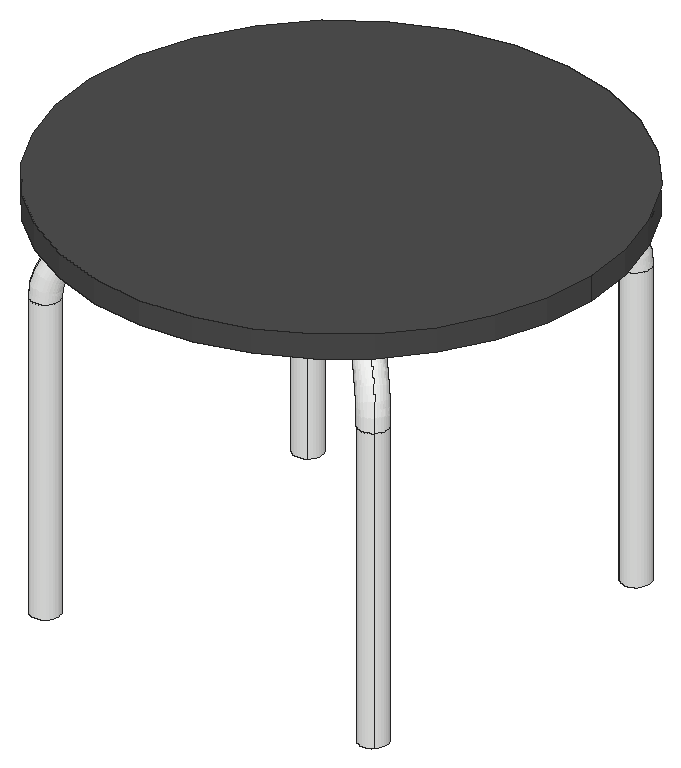
Revit family "Table-Teknion-CQTSC_Routes_Circular_Side_Table-R2018", category Furniture, Revit 2018
Family settings
  OmniClass Number = 23.40.20.00
  OmniClass Title = General Furniture and Specialties
  Work Plane-Based = No
  Always vertical = Yes
  Cut with Voids When Loaded = No
  Shared = Yes
  Room Calculation Point = No
Parameters (values of type "24" Dia.")
  Warranty = "http://www.teknion.com/ca/papers/legal-canada"
  Unit Weight URL = "http://www.teknion.com/ca/tools/assets#&asset=bee6a381-b954-425e-8283-5a2de3a804f2,f828d448-4b62-4231-9e5f-9a8991c0ed77"
  URL = "www.teknion.com"
  To render please download texture images found here [instance] = "https://assets.teknion.com/web/5e81352c1dfdb467/revit-material-swatches/"
  Sustainability Data = "https://www.teknion.com/ca/tools/assets#&topic=216f99a5-57a0-44fc-b10a-9dee9b29ae4c&asset=444deb64-fe58-4b68-981e-f75e97781df7,b4ff2d81-9f2e-437d-9659-7cffb09c31cf"
  Surface Finish [instance] = Foundation Laminate-Teknion-6K-Matte-Black
  Series = "Routes"  # constant formula
  Product Page URL = "https://www.teknion.com/ca/products/all-products"
  Product Line = "Routes"  # constant formula
  Product Documentation Link = "https://assets.teknion.com/m/72af4764f50e983c/original/Routes-Reference-Guide.pdf"
  Part Number = "CQTSC"  # constant formula
  Model = "CQTSC24"
  Manufacturer Phone = "416-661-3370"  # constant formula
  Manufacturer Fax = "416.661.4586"  # constant formula
  Manufacturer Contact Information = "http://www.teknion.com/ca/contactus"
  Manufacturer Address = "1150 Flint Road, Toronto, ON. M3J 2J5. Canada"  # constant formula
  Manufacturer = "Teknion"  # constant formula
  How To Use Teknion Materials User Guide [instance] = "https://assets.teknion.com/m/205dd0a49fa58060/original/How-to-add-a-Material-Library-and-Texture-Images-to-your-Revit-project.pdf"
  Frame Finish [instance] = Paint - Teknion - Mica - Very White
  For Additional Finishes please visit [instance] = "https://assets.teknion.com/m/44a8009b046e5d47/original/Teknion_Materials_Library.zip"
  Description = "Circular Side Table, 24\" Diameter"
  Assembly Code = "E2020200"
Reference planes (in)
  plane 1 "Center Front/Back": y = -0.13703
  plane 2: z = 0
  plane 3 "Center Left/Right": x = -0.12189
  plane 4 "Left": x = -12.11907
  plane 5 "Right": x = 11.87529
  plane 6 "Back": y = 11.87034
  plane 7 "Front": y = -12.1444
  plane 8 "Top": z = 17.935
Forms (in)
  Sweep 1, solid, material "Paint - Teknion - Mica - Very White" <- "Frame Finish"
    path in 3D
      loop
        arc (-6.22847, -6.22785, 16.625) -> (-7.79097, -7.79035, 15.70971) -> (-8.43818, -8.43756, 13.5) r 3.125
        line (-8.43818, -8.43756, 13.5) -> (-8.43818, -8.43756, 0)
    profile origin (-8.43818, -8.43756, 6.75) x (-0.707491, -0.706723, 0) y (0.706723, -0.707491, 0)
      loop
        circle (-0.63053, -0.00008) r 0.63078
  Sweep 2, solid, material "Paint - Teknion - Mica - Very White" <- "Frame Finish"
    path in 3D
      loop
        line (-6.22847, -6.22785, 15.375) -> (-1.89769, -1.89707, 15.375)
    profile origin (-4.06308, -4.06246, 15.375) x (0.707107, -0.707107, -0.000702) y (-0.000496, 0.000496, -1)
      loop
        circle (-0.00177, -0.62059) r 0.63078
  Sweep 3, solid, material "Paint - Teknion - Mica - Very White" <- "Frame Finish"
    path in 3D
      loop
        arc (-1.45575, -2.33901, 16) -> (-0.54046, -0.1293, 16) -> (-1.45575, 2.0804, 16) r 3.125
        line (-1.45575, 2.0804, 16) -> (-5.79021, 6.41487, 16)
    profile origin (-3.62298, 4.24764, 16) x (0, 0, 1) y (0.707107, 0.707107, 0)
      loop
        circle (0, -0.62762) r 0.62481
  Sweep 4, solid, material "Paint - Teknion - Mica - Very White" <- "Frame Finish"
    path in 3D
      loop
        line (-7.5543, 7.29507, 0) -> (-7.5543, 7.29507, 13.5)
        arc (-7.5543, 7.29507, 13.5) -> (-7.16597, 6.90674, 14.82583) -> (-6.22847, 5.96924, 15.375) r 1.875
    profile origin (-7.5543, 7.29507, 6.75) x (-0.877619, -0.479358, 0) y (0.479358, -0.877619, 0)
      loop
        circle (0.17702, -0.6) r 0.63078
  Sweep 5, solid, material "Paint - Teknion - Mica - Very White" <- "Frame Finish"
    path origin (0, 0, 4) x (1, 0, 0) y (0, 0, 1)
      loop
        line (0, 12.875) -> (0, 12.4702)
    profile origin (0, 0, 16.6726) x (0, -1, 0) y (1, 0, 0)
      loop
        line (-4.74277, -5.7091) -> (-2.95308, -3.91942) -> (-3.66019, -3.21231) -> (-5.44987, -5.002) -> (-4.74277, -5.7091)
      loop
        line (2.7252, -2.01871) -> (2.01809, -2.72582) -> (3.18906, -3.89679) -> (3.89617, -3.18968) -> (2.7252, -2.01871)
      loop
        line (-2.93045, -3.89679) -> (-1.75948, -2.72582) -> (-2.46659, -2.01871) -> (-3.63756, -3.18968) -> (-2.93045, -3.89679)
      loop
        line (5.00138, -5.7091) -> (5.70848, -5.002) -> (3.9188, -3.21231) -> (3.21169, -3.91942) -> (5.00138, -5.7091)
  Sweep 6, solid, material "Paint - Teknion - Mica - Very White" <- "Frame Finish"
    path origin (0, 0, 4) x (-1, 0, 0) y (0, 0, -1)
      loop
        line (0, -12.875) -> (0, -12.4702)
    profile origin (0, 0, 16.6726) x (0, -1, 0) y (1, 0, 0)
      loop
        line (-4.74277, 5.44925) -> (-5.44987, 4.74215) -> (-3.66019, 2.95246) -> (-2.95308, 3.65957) -> (-4.74277, 5.44925)
      loop
        line (2.7252, 1.75886) -> (3.89617, 2.92983) -> (3.18906, 3.63694) -> (2.01809, 2.46597) -> (2.7252, 1.75886)
      loop
        line (-2.93045, 3.63694) -> (-3.63756, 2.92983) -> (-2.46659, 1.75886) -> (-1.75948, 2.46597) -> (-2.93045, 3.63694)
      loop
        line (5.00138, 5.44925) -> (3.21169, 3.65957) -> (3.9188, 2.95246) -> (5.70848, 4.74215) -> (5.00138, 5.44925)
  Sweep 7, solid, material "Paint - Teknion - Mica - Very White" <- "Frame Finish"
    path in 3D
      loop
        arc (5.94722, -6.22785, 16.625) -> (7.50972, -7.79035, 15.70971) -> (8.15693, -8.43756, 13.5) r 3.125
        line (8.15693, -8.43756, 13.5) -> (8.15693, -8.43756, 0)
    profile origin (8.15693, -8.43756, 6.75) x (0.707491, -0.706723, 0) y (0.706723, 0.707491, 0)
      loop
        circle (-0.63053, 0.00008) r 0.63078
  Sweep 8, solid, material "Paint - Teknion - Mica - Very White" <- "Frame Finish"
    path in 3D
      loop
        line (5.94722, -6.22785, 15.375) -> (1.61644, -1.89707, 15.375)
    profile origin (3.78183, -4.06246, 15.375) x (0.707107, 0.707107, 0.000702) y (0.000496, 0.000496, -1)
      loop
        circle (0.00177, -0.62059) r 0.63078
  Sweep 9, solid, material "Paint - Teknion - Mica - Very White" <- "Frame Finish"
    path in 3D
      loop
        arc (1.1745, -2.33901, 16) -> (0.25921, -0.1293, 16) -> (1.1745, 2.0804, 16) r 3.125
        line (1.1745, 2.0804, 16) -> (5.50896, 6.41487, 16)
    profile origin (3.34173, 4.24764, 16) x (0, 0, -1) y (-0.707107, 0.707107, 0)
      loop
        circle (0, -0.62762) r 0.62481
  Sweep 10, solid, material "Paint - Teknion - Mica - Very White" <- "Frame Finish"
    path in 3D
      loop
        line (7.27305, 7.29507, 0) -> (7.27305, 7.29507, 13.5)
        arc (7.27305, 7.29507, 13.5) -> (6.88472, 6.90674, 14.82583) -> (5.94722, 5.96924, 15.375) r 1.875
    profile origin (7.27305, 7.29507, 6.75) x (-0.877619, 0.479358, 0) y (-0.479358, -0.877619, 0)
      loop
        circle (-0.17702, -0.6) r 0.63078
  Sweep 11, solid, material "Foundation Laminate-Teknion-6K-Matte-Black" <- "Surface Finish"
    path origin (0, -0.13703, 0) x (1, 0, 0) y (0, 0, 1)
      loop
        line (-0.12189, 16.875) -> (-0.12189, 17.935)
    profile origin (-0.12189, -0.13703, 17.405) x (-1, 0, 0) y (0, -1, 0)
      loop
        circle (0, 0) r 12.00737
Lines and regions (in)
  Masking region 1
    outline origin (0, 0, 0) x (1, 0, 0) y (0, 1, 0)
      loop
        circle (-0.12189, -0.13703) r 12.00737
  sketch lines
    curve 1: line (-8.43818, -8.43756, 13.5) -> (-8.43818, -8.43756, 0)
    curve 2: arc (-6.22847, -6.22785, 16.625) -> (-7.79097, -7.79035, 15.70971) -> (-8.43818, -8.43756, 13.5) r 3.125
    curve 3: line (-6.22847, -6.22785, 15.375) -> (-1.89769, -1.89707, 15.375)
    curve 4: line (-1.45575, 2.0804, 16) -> (-5.79021, 6.41487, 16)
    curve 5: arc (-1.45575, 2.0804, 16) -> (-0.54046, -0.1293, 16) -> (-1.45575, -2.33901, 16) r 3.125
    curve 6: line (-7.5543, 7.29507, 0) -> (-7.5543, 7.29507, 13.5)
    curve 7: arc (-7.5543, 7.29507, 13.5) -> (-7.16597, 6.90674, 14.82583) -> (-6.22847, 5.96924, 15.375) r 1.875
    curve 8: line (8.15693, -8.43756, 13.5) -> (8.15693, -8.43756, 0)
    curve 9: arc (5.94722, -6.22785, 16.625) -> (7.50972, -7.79035, 15.70971) -> (8.15693, -8.43756, 13.5) r 3.125
    curve 10: line (5.94722, -6.22785, 15.375) -> (1.61644, -1.89707, 15.375)
    curve 11: line (1.1745, 2.0804, 16) -> (5.50896, 6.41487, 16)
    curve 12: arc (1.1745, 2.0804, 16) -> (0.25921, -0.1293, 16) -> (1.1745, -2.33901, 16) r 3.125
    curve 13: line (7.27305, 7.29507, 0) -> (7.27305, 7.29507, 13.5)
    curve 14: arc (7.27305, 7.29507, 13.5) -> (6.88472, 6.90674, 14.82583) -> (5.94722, 5.96924, 15.375) r 1.875
  symbolic lines, style "FurnitureHiddenLines", detail levels medium+fine
    curve 15: arc (-8.4624, 7.31072, 0) -> (-8.42661, 8.1989, 0) -> (-7.5382, 8.16938, 0) r 0.63078
    curve 16: line (-7.5382, 8.16938, 0) -> (-1.45568, 2.0802, 0)
    curve 17: line (-8.4624, 7.31072, 0) -> (-2.34239, 1.19071, 0)
    curve 18: arc (-1.45568, 2.0802, 0) -> (-0.54042, -0.12944, 0) -> (-1.45568, -2.33908, 0) r 3.1249
    curve 19: arc (-2.34239, 1.19071, 0) -> (-1.79555, -0.12947, 0) -> (-2.34239, -1.44965, 0) r 1.86702
    curve 20: line (-2.34239, -1.44965, 0) -> (-8.44254, -7.5498, 0)
    curve 21: arc (-1.45568, 2.0802, 0) -> (-0.53911, -0.13261, 0) -> (-1.45568, -2.34543, 0) r 3.12939
    curve 22: line (-1.45568, -2.34543, 0) -> (-7.51691, -8.40666, 0)
    curve 23: arc (-8.44254, -7.5498, 0) -> (-8.42501, -8.45924, 0) -> (-7.51691, -8.40666, 0) r 0.63114
    curve 24: line (7.24527, 8.15633, 0) -> (1.17016, 2.08175, 0)
    curve 25: line (8.1603, 7.28973, 0) -> (2.06185, 1.1908, 0)
    curve 26: arc (2.06185, 1.1908, 0) -> (1.51501, -0.12938, 0) -> (2.06185, -1.44955, 0) r 1.86702
    curve 27: line (2.06185, -1.44955, 0) -> (8.15555, -7.54328, 0)
    curve 28: arc (1.17016, 2.08175, 0) -> (0.25358, -0.13106, 0) -> (1.17016, -2.34387, 0) r 3.12939
    curve 29: line (1.17016, -2.34387, 0) -> (7.26256, -8.43627, 0)
    curve 31: arc (7.26256, -8.43627, 0) -> (8.15555, -8.43627, 0) -> (8.15555, -7.54328, 0) r 0.63144
    curve 34: arc (7.24527, 8.15633, 0) -> (8.15167, 8.197, 0) -> (8.1603, 7.28973, 0) r 0.63053
  symbolic lines, style "FurnitureHiddenLines", detail levels fine
    curve 30: arc (-8.44254, -7.5498, 0) -> (-7.54997, -7.5498, 0) -> (-7.54997, -8.44237, 0) r 0.63114
    curve 32: arc (7.26256, -8.43627, 0) -> (7.26256, -7.54328, 0) -> (8.15555, -7.54328, 0) r 0.63144
    curve 33: arc (-7.5382, 8.16938, 0) -> (-7.56793, 7.27467, 0) -> (-8.4624, 7.31072, 0) r 0.63078
    curve 35: arc (7.24527, 8.15633, 0) -> (7.27383, 7.2701, 0) -> (8.1603, 7.28973, 0) r 0.63017
    curve 36: line (4.74215, 5.44987, 0) -> (2.95246, 3.66019, 0)
    curve 37: line (3.65957, 2.95308, 0) -> (5.44925, 4.74277, 0)
    curve 38: line (5.44925, 4.74277, 0) -> (4.74215, 5.44987, 0)
    curve 39: line (2.95246, 3.66019, 0) -> (3.65957, 2.95308, 0)
    curve 40: line (3.63694, 2.93045, 0) -> (2.92983, 3.63756, 0)
    curve 41: line (2.92983, 3.63756, 0) -> (1.75886, 2.46659, 0)
    curve 42: line (1.75886, 2.46659, 0) -> (2.46597, 1.75948, 0)
    curve 43: line (3.63694, 2.93045, 0) -> (2.46597, 1.75948, 0)
    curve 44: line (1.75886, -2.7252, 0) -> (2.92983, -3.89617, 0)
    curve 45: line (3.63694, -3.18906, 0) -> (2.46597, -2.01809, 0)
    curve 46: line (2.46597, -2.01809, 0) -> (1.75886, -2.7252, 0)
    curve 47: line (2.92983, -3.89617, 0) -> (3.63694, -3.18906, 0)
    curve 48: line (3.65957, -3.21169, 0) -> (2.95246, -3.9188, 0)
    curve 49: line (5.44925, -5.00138, 0) -> (3.65957, -3.21169, 0)
    curve 50: line (2.95246, -3.9188, 0) -> (4.74215, -5.70848, 0)
    curve 51: line (4.74215, -5.70848, 0) -> (5.44925, -5.00138, 0)
    curve 52: line (-5.002, 5.44987, 0) -> (-5.7091, 4.74277, 0)
    curve 53: line (-5.7091, 4.74277, 0) -> (-3.91942, 2.95308, 0)
    curve 54: line (-3.21231, 3.66019, 0) -> (-5.002, 5.44987, 0)
    curve 55: line (-3.91942, 2.95308, 0) -> (-3.21231, 3.66019, 0)
    curve 56: line (-3.18968, 3.63756, 0) -> (-3.89679, 2.93045, 0)
    curve 57: line (-2.01871, 2.46659, 0) -> (-3.18968, 3.63756, 0)
    curve 58: line (-3.89679, 2.93045, 0) -> (-2.72582, 1.75948, 0)
    curve 59: line (-2.72582, 1.75948, 0) -> (-2.01871, 2.46659, 0)
    curve 60: line (-2.01871, -2.7252, 0) -> (-2.72582, -2.01809, 0)
    curve 61: line (-2.72582, -2.01809, 0) -> (-3.89679, -3.18906, 0)
    curve 62: line (-3.18968, -3.89617, 0) -> (-2.01871, -2.7252, 0)
    curve 63: line (-3.89679, -3.18906, 0) -> (-3.18968, -3.89617, 0)
    curve 64: line (-3.21231, -3.9188, 0) -> (-3.91942, -3.21169, 0)
    curve 65: line (-3.91942, -3.21169, 0) -> (-5.7091, -5.00138, 0)
    curve 66: line (-5.002, -5.70848, 0) -> (-3.21231, -3.9188, 0)
    curve 67: line (-5.7091, -5.00138, 0) -> (-5.002, -5.70848, 0)
Dimensions and locks (in)
  locked: plane 4 "Left" to plane 5 "Right" at 23.99437
  locked: plane 6 "Back" to plane 7 "Front" at 24.01474
  plane 8 "Top" to level = 17.935"
  aligned and locked: level to plane 2
